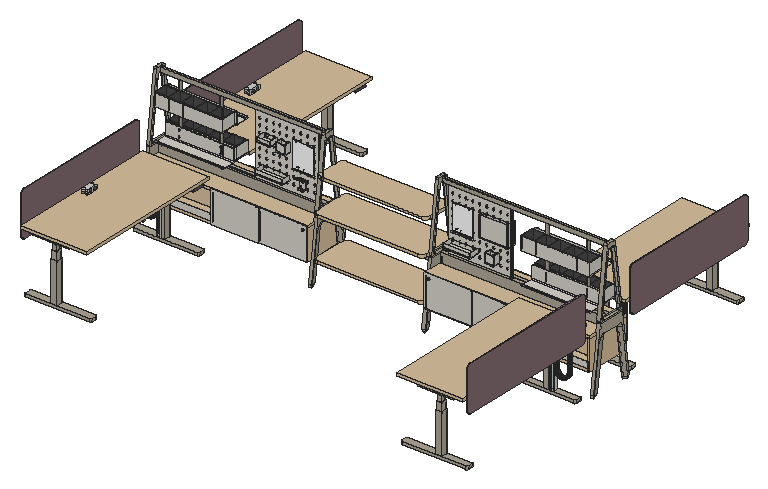
Revit family "Layout-Teknion-Expansion_Cityline_Upper_Structure_01-R2021", category Furniture Systems, Revit 2021 (continued)
Definition of nested family "Electrical-Teknion-JNEPC_Power_Cube-R2015"
  Forms (in)
    Blend 2, solid, material <- "Power Cube - Case and Front Finish", visible <- "Has Power Cube Above Worksurface"
      base sketch origin (2.5, -1.17126, 48) x (1, 0, 0) y (0, 0, 1)
        loop
          arc (-5.90762, -46) -> (-6.17182, -46.10943) -> (-6.28125, -46.37363) r 0.37363
          line (-6.28125, -46.37363) -> (-6.28125, -47.62586)
          arc (-6.28125, -47.62586) -> (-6.17167, -47.89042) -> (-5.90711, -48) r 0.37414
          line (-5.90711, -48) -> (0.90723, -48)
          arc (0.90723, -48) -> (1.1717, -47.89045) -> (1.28125, -47.62598) r 0.37402
      top sketch origin (2.43454, 1.25, 48) x (1, 0, 0) y (0, 0, 1)
        loop
          line (-5.84177, -48) -> (0.9727, -48)
          arc (0.9727, -48) -> (1.19416, -47.86842) -> (1.28125, -47.62598) r 0.38096
          line (1.28125, -47.62598) -> (1.28125, -46.50504)
          arc (1.28125, -46.50504) -> (1.1717, -46.24057) -> (0.90723, -46.13102) r 0.37402
          line (0.90723, -46.13102) -> (-5.77669, -46.13102)
          arc (-5.77669, -46.13102) -> (-6.04089, -46.24045) -> (-6.15032, -46.50465) r 0.37363
          line (-6.15032, -46.50465) -> (-6.15032, -47.62598)
          arc (-6.15032, -47.62598) -> (-6.06323, -47.86842) -> (-5.84177, -48) r 0.38096
      from 0 to 0
    Extrusion 3, solid, visible <- "Has Power Cube Above Worksurface"
      sketch origin (2.47046, -1.17126, 48) x (1, 0, 0) y (0, 0, 1)
        loop
          line (-2.86139, -46.4748) -> (-3.83304, -46.4748)
          arc (-3.83304, -46.4748) -> (-3.86088, -46.48633) -> (-3.87241, -46.51417) r 0.03937
          line (-3.87241, -46.51417) -> (-3.87241, -47.48583)
          arc (-3.87241, -47.48583) -> (-3.86088, -47.51367) -> (-3.83304, -47.5252) r 0.03937
          line (-3.83304, -47.5252) -> (-2.86139, -47.5252)
          arc (-2.86139, -47.5252) -> (-2.83355, -47.51367) -> (-2.82202, -47.48583) r 0.03937
          line (-2.82202, -47.48583) -> (-2.82202, -46.51417)
          arc (-2.82202, -46.51417) -> (-2.83355, -46.48633) -> (-2.86139, -46.4748) r 0.03937
      from 0 to 0.07874
    Extrusion 4, solid, visible <- "Has Power Cube Above Worksurface"
      sketch origin (2.52954, -1.17126, 48) x (1, 0, 0) y (0, 0, 1)
        loop
          line (0.58734, -46.4748) -> (-0.38432, -46.4748)
          arc (-0.38432, -46.4748) -> (-0.41216, -46.48633) -> (-0.42369, -46.51417) r 0.03937
          line (-0.42369, -46.51417) -> (-0.42369, -47.48583)
          arc (-0.42369, -47.48583) -> (-0.41216, -47.51367) -> (-0.38432, -47.5252) r 0.03937
          line (-0.38432, -47.5252) -> (0.58734, -47.5252)
          arc (0.58734, -47.5252) -> (0.61518, -47.51367) -> (0.62671, -47.48583) r 0.03937
          line (0.62671, -47.48583) -> (0.62671, -46.51417)
          arc (0.62671, -46.51417) -> (0.61518, -46.48633) -> (0.58734, -46.4748) r 0.03937
      from 0 to 0.07874
    Extrusion 5, void
      sketch origin (4.07571, -1.25, 48) x (-1, 0, 0) y (0, 0, 1)
        loop
          line (5.22849, -46.62047) -> (5.15763, -46.62047) -> (5.15763, -46.95906) -> (5.22849, -46.95906) -> (5.22849, -46.62047)
        loop
          line (4.74818, -46.65197) -> (4.67731, -46.65197) -> (4.67731, -46.92756) -> (4.74818, -46.92756) -> (4.74818, -46.65197)
        loop
          line (5.04936, -47.34409) -> (5.04936, -47.22795)
          arc (5.04936, -47.22795) -> (4.9529, -47.1315) -> (4.85645, -47.22795) r 0.09646
          line (4.85645, -47.22795) -> (4.85645, -47.34409) -> (5.04936, -47.34409)
      from -0.75 to 0.09375
    Extrusion 6, void
      sketch origin (-2.47046, -1.25, 48) x (1, 0, 0) y (0, 0, -1)
        loop
          line (5.37719, 46.62047) -> (5.37719, 46.95906) -> (5.30633, 46.95906) -> (5.30633, 46.62047) -> (5.37719, 46.62047)
        loop
          line (4.89688, 46.65197) -> (4.89688, 46.92756) -> (4.82601, 46.92756) -> (4.82601, 46.65197) -> (4.89688, 46.65197)
        loop
          line (5.19806, 47.34409) -> (5.00515, 47.34409) -> (5.00515, 47.22795)
          arc (5.00515, 47.22795) -> (5.1016, 47.1315) -> (5.19806, 47.22795) r 0.09646
          line (5.19806, 47.22795) -> (5.19806, 47.34409)
      from -0.75 to -0.1875
    Extrusion 7, void
      sketch origin (-1.4177, -2, 48) x (1, 0, 0) y (0, 0, 1)
        loop
          line (3.73909, -47.35443) -> (3.93609, -47.35443) -> (3.93609, -46.65948) -> (3.73909, -46.65948) -> (3.73909, -47.35443)
        loop
          line (4.16109, -47.35443) -> (4.35809, -47.35443) -> (4.35809, -46.65948) -> (4.16109, -46.65948) -> (4.16109, -47.35443)
      from 0 to -0.84375
    Extrusion 8, solid, visible <- "Has Quad - 2 Power/2 USB/1 Data"
      sketch origin (4.22441, -1.17126, 47.99887) x (1, 0, 0) y (0, 0, 1)
        loop
          line (-2.86139, -46.4748) -> (-3.83304, -46.4748)
          arc (-3.83304, -46.4748) -> (-3.86088, -46.48633) -> (-3.87241, -46.51417) r 0.03937
          line (-3.87241, -46.51417) -> (-3.87241, -47.48583)
          arc (-3.87241, -47.48583) -> (-3.86088, -47.51367) -> (-3.83304, -47.5252) r 0.03937
          line (-3.83304, -47.5252) -> (-2.86139, -47.5252)
          arc (-2.86139, -47.5252) -> (-2.83355, -47.51367) -> (-2.82202, -47.48583) r 0.03937
          line (-2.82202, -47.48583) -> (-2.82202, -46.51417)
          arc (-2.82202, -46.51417) -> (-2.83355, -46.48633) -> (-2.86139, -46.4748) r 0.03937
      from 0 to 0.07874
    Extrusion 9, void
      sketch origin (5.82966, -1.25, 47.99887) x (-1, 0, 0) y (0, 0, 1)
        loop
          line (5.22849, -46.62047) -> (5.15763, -46.62047) -> (5.15763, -46.95906) -> (5.22849, -46.95906) -> (5.22849, -46.62047)
        loop
          line (4.74818, -46.65197) -> (4.67731, -46.65197) -> (4.67731, -46.92756) -> (4.74818, -46.92756) -> (4.74818, -46.65197)
        loop
          line (5.04936, -47.34409) -> (5.04936, -47.22795)
          arc (5.04936, -47.22795) -> (4.9529, -47.1315) -> (4.85645, -47.22795) r 0.09646
          line (4.85645, -47.22795) -> (4.85645, -47.34409) -> (5.04936, -47.34409)
      from -0.75 to 1.25
    Extrusion 10, solid, visible <- "Has Quad - 2 Power/2 USB/1 Data"
      sketch origin (0.716, -1.17126, 47.99887) x (1, 0, 0) y (0, 0, 1)
        loop
          line (-2.86139, -46.4748) -> (-3.83304, -46.4748)
          arc (-3.83304, -46.4748) -> (-3.86088, -46.48633) -> (-3.87241, -46.51417) r 0.03937
          line (-3.87241, -46.51417) -> (-3.87241, -47.48583)
          arc (-3.87241, -47.48583) -> (-3.86088, -47.51367) -> (-3.83304, -47.5252) r 0.03937
          line (-3.83304, -47.5252) -> (-2.86139, -47.5252)
          arc (-2.86139, -47.5252) -> (-2.83355, -47.51367) -> (-2.82202, -47.48583) r 0.03937
          line (-2.82202, -47.48583) -> (-2.82202, -46.51417)
          arc (-2.82202, -46.51417) -> (-2.83355, -46.48633) -> (-2.86139, -46.4748) r 0.03937
      from 0 to 0.07874
    Extrusion 11, void
      sketch origin (-3.58522, -0.75, 48) x (1, 0, 0) y (0, 0, 1)
        loop
          line (0.5605, -46.69873) -> (0.5605, -47.28892) -> (0.85045, -47.28892) -> (0.85045, -47.34385) -> (1.05755, -47.34385) -> (1.05755, -47.28892) -> (1.3475, -47.28892) -> (1.3475, -46.69873) -> (0.5605, -46.69873)
      from -0.75 to 1.25
  Cuts and joins
    Extrusion 5, Extrusion 9 cuts Extrusion 3
    Extrusion 6, Extrusion 7 cuts Extrusion 4
    Extrusion 11 cuts Extrusion 10
    Extrusion 9 cuts Extrusion 8
  Lines and regions (in)
    symbolic lines, visible <- "Has Power Cube Below Worksurface"
      curve 1: line (-3.27534, 2.5, -1.1875) -> (-3.40723, 2.5, -1.1875)
    symbolic lines, visible <- "Has Power Cube Below Worksurface", detail levels medium+fine
      curve 2: line (-3.77912, 0.15748, -1.1875) -> (-3.78125, 0.07874, -1.1875)
      curve 3: line (3.78125, 0.07874, -1.1875) -> (3.77912, 0.15748, -1.1875)
    symbolic lines, visible <- "Has Power Cube Above Worksurface"
      curve 4: line (-3.71579, 1.25, -1.1875) -> (3.71579, 1.25, -1.1875)
      curve 5: line (3.78125, -1.17126, -1.1875) -> (3.71579, 1.25, -1.1875)
      curve 6: line (3.78125, -1.17126, -1.1875) -> (-3.78125, -1.17126, -1.1875)
      curve 7: line (-3.78125, -1.17126, -1.1875) -> (-3.71579, 1.25, -1.1875)
    symbolic lines, detail levels medium+fine
      curve 8: line (-3.40711, -1.17126, -1.1875) -> (-3.40723, 1.25, -1.1875)
      curve 9: line (3.40723, 1.25, -1.1875) -> (3.40723, -1.17126, -1.1875)
  Dimensions and locks (in)
    locked: plane 6 to plane 2 at 2
    locked: plane 7 to plane 1 "Center (Front/Back)" at 1.17126
    locked: plane 1 "Center (Front/Back)" to plane 8 at 1.25
    locked: plane 1 "Center (Front/Back)" to plane 9 at 2.5
    Extrusion 3 sketch curve to Extrusion 3 sketch curve to Extrusion 3 sketch curve to Extrusion 3 sketch curve to Extrusion 3 sketch curve to Extrusion 3 sketch curve = 0.03937" locked, 0.000" locked, 0.97165" locked, 0.000" locked, 0.03937" locked
    locked: plane 10 to plane 13 "Power Hole Depth (Above Worksurface)" at 0.75
    "Left Power Hole Depth": Extrusion 5 to plane 13 "Power Hole Depth (Above Worksurface)"
    "Right Power Hole Depth": Extrusion 6 to plane 13 "Power Hole Depth (Above Worksurface)"
    Blend 2 sketch curve to Blend 2 sketch curve to Blend 2 sketch curve to Blend 2 sketch curve to plane 6 = 0.000" locked, 1.12095" locked, 0.00038" locked, 0.50465" locked
    plane 6 to Blend 2 sketch curve to Blend 2 sketch curve to Blend 2 sketch curve to Blend 2 sketch curve = 0.37363" locked, 0.000" locked, 1.25222" locked, 0.00013" locked
    Extrusion 5 sketch curve to Extrusion 5 sketch curve to Extrusion 5 sketch curve to Extrusion 5 sketch curve to Extrusion 5 sketch curve to Extrusion 5 sketch curve to plane 2 = 0.0315" locked, 0.27559" locked, 0.0315" locked, 0.2689" locked, 0.11614" locked, 0.65591" locked
    Extrusion 5 sketch curve to Extrusion 5 sketch curve to Extrusion 5 sketch curve to Extrusion 5 sketch curve to Extrusion 5 sketch curve to Extrusion 5 sketch curve to Extrusion 5 sketch curve to plane 18 = 0.07087" locked, 0.10827" locked, 0.09646" locked, 0.09646" locked, 0.10827" locked, 0.07087" locked, 0.25004" locked
    plane 19 to Extrusion 7 sketch curve to Extrusion 7 sketch curve to Extrusion 7 sketch curve to Extrusion 7 sketch curve = 0.21587" locked, 0.197" locked, 0.225" locked, 0.197" locked
    plane 6 to Extrusion 7 sketch curve to Extrusion 7 sketch curve to Extrusion 7 sketch curve to Extrusion 7 sketch curve = 0.65948" locked, 0.000" locked, 0.69494" locked, 0.000" locked
    "Right Power/USB Charger": Extrusion 7 to plane 13 "Power Hole Depth (Above Worksurface)"
    plane 14 to plane 1 "Center (Front/Back)" = 0.750"
    locked: plane 1 "Center (Front/Back)" to plane 17 at 0.07874
    plane 4 "B/O Worksurface" to plane 16 to plane 15 to plane 5 = 0.1063" locked, 1.12598" locked, 2.000" locked
    "Worksurface Thickness": plane 2 to plane 4 "B/O Worksurface"
    plane 11 to Blend 2 sketch curve to Blend 2 sketch curve to Blend 2 sketch curve = 0.06546" locked, 0.37363" locked, 0.00733" locked
    plane 12 to Blend 2 sketch curve to Blend 2 sketch curve to Blend 2 sketch curve = 0.06546" locked, 0.37402" locked, 0.00694" locked
    plane 12 to Blend 2 sketch curve to Blend 2 sketch curve = 0.37363" locked, 0.00038" locked
    plane 11 to Blend 2 sketch curve to Blend 2 sketch curve = 0.37363" locked, 0.00051" locked
    equal spacing: plane 11, plane 3 "Center (Left/Right)", plane 12
    "Width": plane 11 to plane 12
    Extrusion 4 sketch curve to Extrusion 4 sketch curve to Extrusion 4 sketch curve to Extrusion 4 sketch curve to Extrusion 4 sketch curve to Extrusion 4 sketch curve = 0.03937" locked, 0.000" locked, 0.97165" locked, 0.000" locked, 0.03937" locked
    plane 6 to Extrusion 4 sketch curve to Extrusion 4 sketch curve = 0.4748" locked, 1.05039" locked
    "Left Offset": plane 3 "Center (Left/Right)" to plane 18
    Extrusion 6 sketch curve to Extrusion 6 sketch curve to Extrusion 6 sketch curve to Extrusion 6 sketch curve to Extrusion 6 sketch curve to Extrusion 6 sketch curve to Extrusion 6 sketch curve to plane 19 = 0.07087" locked, 0.10827" locked, 0.09646" locked, 0.09646" locked, 0.10827" locked, 0.07087" locked, 0.24951" locked
    plane 6 to Extrusion 6 sketch curve to Extrusion 6 sketch curve to Extrusion 6 sketch curve to Extrusion 6 sketch curve to Extrusion 6 sketch curve to Extrusion 6 sketch curve = 0.62047" locked, 0.0315" locked, 0.27559" locked, 0.0315" locked, 0.2689" locked, 0.11614" locked
    "Right Offset": plane 19 to plane 12
    Extrusion 8 sketch curve to Extrusion 8 sketch curve to Extrusion 8 sketch curve to Extrusion 8 sketch curve to Extrusion 8 sketch curve to Extrusion 8 sketch curve = 0.03937" locked, 0.000" locked, 0.97165" locked, 0.000" locked, 0.03937" locked
    Extrusion 9 sketch curve to Extrusion 9 sketch curve to Extrusion 9 sketch curve to Extrusion 9 sketch curve to Extrusion 9 sketch curve to Extrusion 9 sketch curve = 0.0315" locked, 0.27559" locked, 0.0315" locked, 0.2689" locked, 0.11614" locked
    Extrusion 9 sketch curve to Extrusion 9 sketch curve to Extrusion 9 sketch curve to Extrusion 9 sketch curve to Extrusion 9 sketch curve to Extrusion 9 sketch curve to Extrusion 9 sketch curve = 0.07087" locked, 0.10827" locked, 0.09646" locked, 0.09646" locked, 0.10827" locked, 0.07087" locked
    plane 11 to Extrusion 10 sketch curve to Extrusion 10 sketch curve to Extrusion 10 sketch curve to Extrusion 10 sketch curve to Extrusion 10 sketch curve to Extrusion 10 sketch curve = 0.62483" locked, 0.03937" locked, 0.000" locked, 0.97165" locked, 0.000" locked, 0.03937" locked
    plane 6 to Extrusion 10 sketch curve to Extrusion 10 sketch curve to Extrusion 10 sketch curve to Extrusion 10 sketch curve to Extrusion 10 sketch curve to Extrusion 10 sketch curve = 0.47594" locked, 0.03937" locked, 0.000" locked, 0.97165" locked, 0.000" locked, 0.03937" locked
    plane 11 to Extrusion 11 sketch curve to Extrusion 11 sketch curve to Extrusion 11 sketch curve to Extrusion 11 sketch curve = 0.75653" locked, 0.28995" locked, 0.2071" locked, 0.28995" locked
    plane 6 to Extrusion 11 sketch curve to Extrusion 11 sketch curve to Extrusion 11 sketch curve to Extrusion 11 sketch curve = 0.69873" locked, 0.59019" locked, 0.000" locked, 0.05492" locked
    "Data Hole Depth": Extrusion 11 to plane 13 "Power Hole Depth (Above Worksurface)"
    "Right Power Hole - Quad Depth": Extrusion 9 to plane 13 "Power Hole Depth (Above Worksurface)"
    aligned and locked: plane 2 to Extrusion 1
    aligned and locked: level to Extrusion 1
    aligned and locked: plane 6 to Blend 2 sketch curve
    aligned and locked: plane 2 to Blend 2 sketch curve
    aligned and locked: Blend 2 to plane 8
    aligned and locked: plane 7 to Blend 2
    aligned and locked: plane 10 to Extrusion 4
    aligned and locked: plane 10 to Extrusion 3
    aligned and locked: plane 13 "Power Hole Depth (Above Worksurface)" to Extrusion 6
    aligned and locked: Extrusion 7 to plane 13 "Power Hole Depth (Above Worksurface)"  (x3)
    aligned and locked: Extrusion 5 to plane 13 "Power Hole Depth (Above Worksurface)"
    aligned and locked: curve 5 to Blend 2
    aligned and locked: curve 6 to Blend 2
    aligned and locked: curve 7 to Blend 2
    aligned and locked: plane 8 to curve 4
    aligned and locked: plane 11 to Blend 2 sketch curve
    aligned and locked: plane 18 to Extrusion 3 sketch curve
    aligned and locked: Extrusion 4 sketch curve to plane 19
    aligned and locked: Extrusion 11 to plane 13 "Power Hole Depth (Above Worksurface)"
    aligned and locked: curve 8 to Blend 2
    aligned and locked: curve 9 to Blend 2
  Automatic sketch dimensions
    Extrusion 1 sketch curve to Extrusion 1 sketch curve = 96.000"  (x2)
    Blend 2 sketch curve to level = 0.000"
    level to Extrusion 3 sketch curve = 0.4748"
    Extrusion 3 sketch curve to plane 6 = 0.51417"
    plane 3 "Center (Left/Right)" to Extrusion 8 sketch curve = 0.352"
    level to Extrusion 8 sketch curve = 0.47367"
    Extrusion 8 sketch curve to plane 6 = 0.51531"
    plane 3 "Center (Left/Right)" to Extrusion 9 sketch curve = 1.15235"
    level to Extrusion 9 sketch curve = 0.65477"
    curve 2 to plane 11 = 0.000"
    plane 17 to curve 2 = 0.000"
    curve 3 to plane 12 = 0.000"
    plane 17 to curve 3 = 0.000"
    plane 9 to curve 1 = 0.000"
    curve 2 to plane 11 = 0.00213"
    curve 2 to plane 17 = 0.07874"
    curve 3 to plane 12 = 0.00213"
    curve 3 to plane 17 = 0.07874"
    curve 1 to plane 11 = 0.50591"
    curve 1 to curve 1 = 0.13189"
  Connectors (in)
    electrical at (0.00003, 0.03937, 0), driven by "Voltage", driven by "Apparent Load", driven by "Connector Descriptor"
      settings: on Blend 2, index 1, voltage 120 V, apparent load 0 VA, apparent load phase1 0 VA, apparent load phase2 0 VA, apparent load phase3 0 VA, power factor 1, load classification none, number of poles 1, system type 31, power factor state 1, is connector primary yes, connector utility no, sub classification motor no, connector description "Power Connector"
Definition of nested family "Electrical-Teknion-JNHEA_Vertical_Wire_Carrier-R2021"
  Parameters (values of type "hiSpace - Standard Range (22.6" - 48.7")")
    hiSpace - with Riser (25" - 51.1") = no
    hiSpace - Standard Range (22.6" - 48.7") = yes
    Wire Carrier Finish [instance] = none
    Wire Carrier Distance = 1.165"
    Warranty = "http://www.teknion.com/ca/papers/legal-canada"
    Navigate Freestanding = no
    Leg Cover Finish [instance] = none
    Cut-Out - 3 = if([2D - Navigate Freestanding], 5.500", 0.050")  # 0.050"
    Cut-Out - 2 = if([2D - Navigate Freestanding], 0.500", 0.050")  # 0.050"
    Unit Weight URL = "http://www.teknion.com/ca/tools/assets#&asset=bee6a381-b954-425e-8283-5a2de3a804f2,f828d448-4b62-4231-9e5f-9a8991c0ed77"
    URL = "www.teknion.com"
    To render please download texture images found here [instance] = "https://assets.teknion.com/web/5e81352c1dfdb467/revit-material-swatches/"
    Sustainability Data = "https://www.teknion.com/ca/tools/assets#&topic=216f99a5-57a0-44fc-b10a-9dee9b29ae4c&asset=444deb64-fe58-4b68-981e-f75e97781df7,b4ff2d81-9f2e-437d-9659-7cffb09c31cf"
    Series = "Expansion Cityline"  # constant formula
    Product Page URL = "https://www.teknion.com/ca/products/product-details?productLineId=9ad2a26e-8e7a-673b-a6c8-ff05004460c4"
    Product Line = "Height-Adjustability"  # constant formula
    Product Documentation Link = "https://www.teknion.com/pricing/expansion-cityline/pdfs/JNHEA_ppg.pdf"
    Part Number = "JNHEA"  # constant formula
    2D - Navigate Freestanding = Navigate Freestanding  # no
    Model = "JNHEAHE"
    Manufacturer Phone = "416-661-3370"  # constant formula
    Manufacturer Fax = "416.661.4586"  # constant formula
    Manufacturer Contact Information = "http://www.teknion.com/ca/contactus"
    Manufacturer Address = "1150 Flint Road, Toronto, ON. M3J 2J5. Canada"  # constant formula
    Manufacturer = "Teknion"  # constant formula
    How To Use Teknion Materials User Guide [instance] = "https://assets.teknion.com/m/205dd0a49fa58060/original/How-to-add-a-Material-Library-and-Texture-Images-to-your-Revit-project.pdf"
    2D - HE/HU = or([hiSpace - Standard Range (22.6" - 48.7")], [hiSpace - with Riser (25" - 51.1")])  # yes
    For Additional Finishes please visit [instance] = "https://assets.teknion.com/m/44a8009b046e5d47/original/Teknion_Materials_Library.zip"
    Description = "Vertical Wire Carrier - hiSpace - Standard Range (22.6\" - 48.7\") Style"
    Depth = 2.81102"
    Default Elevation = 0.000"
    Cut-Out - 1 = if([2D - Navigate Freestanding], 16.500", 0.050")  # 0.050"
    Cover Height = 16.02362"
    Bottom Gap = 1.46457"
    Assembly Code = "E2020200"
  Types (4): name | hiSpace - with Riser (25" - 51.1") | hiSpace - Standard Range (22.6" - 48.7") | Wire Carrier Distance | Navigate Freestanding | Cut-Out - 3 | Cut-Out - 2 | 2D - Navigate Freestanding | Model | 2D - HE/HU | Description | Depth | Cut-Out - 1 | Cover Height | Bottom Gap
    (no name) | no | yes | 1.165" | no | 0.050" | 0.050" | no | "JNHEAHE" | yes | "Vertical Wire Carrier - hiSpace - Standard Range (22.6\" - 48.7\") Style" | 2.81102" | 0.050" | 16.02362" | 1.46457"
    hiSpace - Standard Range (22.6" - 48.7") | no | yes | 1.165" | no | 0.050" | 0.050" | no | "JNHEAHE" | yes | "Vertical Wire Carrier - hiSpace - Standard Range (22.6\" - 48.7\") Style" | 2.81102" | 0.050" | 16.02362" | 1.46457"
    Navigate Freestanding | no | no | 0.779" | yes | 5.500" | 0.500" | yes | "JNHEANF" | no | "Vertical Wire Carrier - Navigate Freestanding Style" | 2.457" | 16.500" | 16.220" | 1.654"
    hiSpace - with Riser (25" - 51.1") | yes | no | 1.165" | no | 0.050" | 0.050" | no | "JNHEAHU" | yes | "Vertical Wire Carrier - hiSpace - with Riser (25\" - 51.1\") Style" | 2.81102" | 0.050" | 16.02362" | 1.46457"
  Reference planes (in)
    plane 1 "Center Front/Back": y = 5.09055
    plane 2: z = 0
    plane 3 "Center Left/Right": x = 0
    plane 4 "Left": x = -1.40551
    plane 5 "Right": x = 1.40551
    plane 6 "Back": y = 9.5
    plane 7 "Front": y = 0.6811
    plane 8 "Top": z = 27.81102
    plane 9: z = 1.46457
    plane 10: z = 17.48819
    plane 11: z = 26.64602
  Forms (in)
    Sweep 1, solid, material <- "Leg Cover Finish"
      path origin (0, 5.09055, 0) x (1, 0, 0) y (0, 0, 1)
        loop
          line (0, 17.48819) -> (0, 1.46457)
      profile origin (0, 5.09055, 9.47638) x (0, -1, 0) y (1, 0, 0)
        loop
          line (3.12205, 0.70276) -> (3.12205, 1.35827) -> (4.40945, 1.35827) -> (4.40945, 1.40551) -> (3.0748, 1.40551) -> (3.0748, 0.75) -> (2.28622, 0.75) -> (2.28622, -0.75) -> (3.0748, -0.75) -> (3.0748, -1.40551) -> (4.40945, -1.40551) -> (4.40945, -1.35827) -> (3.12205, -1.35827) -> (3.12205, -0.70276) -> (2.33346, -0.70276) -> (2.33346, 0.70276) -> (3.12205, 0.70276)
    Sweep 2, void
      path origin (0, 0, 0) x (1, 0, 0) y (0, 1, 0)
        loop
          line (1.40551, 5.09055) -> (-1.40551, 5.09055)
      profile origin (0, 5.09055, 0) x (0, -1, 0) y (0, 0, 1)
        loop
          line (3.23228, 1.46457) -> (3.23228, 2.46457) -> (2.87913, 2.46457)
          arc (2.87913, 2.46457) -> (2.68426, 2.38385) -> (2.60354, 2.18898) r 0.27559
          line (2.60354, 2.18898) -> (2.60354, 1.46457) -> (3.23228, 1.46457)
    Sweep 3, void
      path origin (0, 0, 0) x (1, 0, 0) y (0, 1, 0)
        loop
          line (0, 2.80433) -> (0, 1.80433)
      profile origin (0, 2.30433, 0) x (1, 0, 0) y (0, 0, 1)
        loop
          line (-0.37402, 15.99213) -> (0.37402, 15.99213)
          arc (0.37402, 15.99213) -> (0.45753, 16.02672) -> (0.49213, 16.11024) r 0.11811
          line (0.49213, 16.11024) -> (0.49213, 17.48819) -> (-0.49213, 17.48819) -> (-0.49213, 16.11024)
          arc (-0.49213, 16.11024) -> (-0.45753, 16.02672) -> (-0.37402, 15.99213) r 0.11811
    Sweep 4, solid, material <- "Wire Carrier Finish"
      path origin (0, 0, 0) x (1, 0, 0) y (0, 1, 0)
        loop
          line (0.75, 5.09055) -> (-0.75, 5.09055)
      profile origin (0, 5.09055, 0) x (0, -1, 0) y (0, 0, 1)
        loop
          line (-3.37795, 26.64602) -> (-4.1378, 26.64602) -> (-4.1378, 26.56728) -> (-3.37795, 26.56728) -> (-3.37795, 26.64602)
        loop
          line (-4.1378, 25.88618) -> (-4.1378, 25.80744) -> (-3.37795, 25.80744) -> (-3.37795, 25.88618) -> (-4.1378, 25.88618)
        loop
          line (-4.1378, 25.12634) -> (-4.1378, 25.0476) -> (-3.37795, 25.0476) -> (-3.37795, 25.12634) -> (-4.1378, 25.12634)
        loop
          line (-4.1378, 24.3665) -> (-4.1378, 24.28776) -> (-3.37795, 24.28776) -> (-3.37795, 24.3665) -> (-4.1378, 24.3665)
        loop
          line (-4.1378, 23.60665) -> (-4.1378, 23.52791) -> (-3.37795, 23.52791) -> (-3.37795, 23.60665) -> (-4.1378, 23.60665)
        loop
          line (-4.1378, 22.84681) -> (-4.1378, 22.76807) -> (-3.37795, 22.76807) -> (-3.37795, 22.84681) -> (-4.1378, 22.84681)
        loop
          line (-4.1378, 22.08697) -> (-4.1378, 22.00823) -> (-3.37795, 22.00823) -> (-3.37795, 22.08697) -> (-4.1378, 22.08697)
        loop
          line (-4.1378, 21.32713) -> (-4.1378, 21.24839) -> (-3.37795, 21.24839) -> (-3.37795, 21.32713) -> (-4.1378, 21.32713)
        loop
          line (-4.1378, 20.56728) -> (-4.1378, 20.48854) -> (-3.37795, 20.48854) -> (-3.37795, 20.56728) -> (-4.1378, 20.56728)
        loop
          line (-4.1378, 19.80744) -> (-4.1378, 19.7287) -> (-3.37795, 19.7287) -> (-3.37795, 19.80744) -> (-4.1378, 19.80744)
        loop
          line (-4.1378, 19.0476) -> (-4.1378, 18.96886) -> (-3.37795, 18.96886) -> (-3.37795, 19.0476) -> (-4.1378, 19.0476)
        loop
          line (-4.1378, 18.28776) -> (-4.1378, 18.20902) -> (-3.37795, 18.20902) -> (-3.37795, 18.28776) -> (-4.1378, 18.28776)
        loop
          line (-4.1378, 17.52791) -> (-4.1378, 17.44917) -> (-3.37795, 17.44917) -> (-3.37795, 17.52791) -> (-4.1378, 17.52791)
        loop
          line (-4.1378, 16.76807) -> (-4.1378, 16.68933) -> (-3.37795, 16.68933) -> (-3.37795, 16.76807) -> (-4.1378, 16.76807)
        loop
          line (-4.1378, 16.00823) -> (-4.1378, 15.92949) -> (-3.37795, 15.92949) -> (-3.37795, 16.00823) -> (-4.1378, 16.00823)
        loop
          line (-4.1378, 15.24839) -> (-4.1378, 15.16965) -> (-3.37795, 15.16965) -> (-3.37795, 15.24839) -> (-4.1378, 15.24839)
        loop
          line (-4.1378, 14.48854) -> (-4.1378, 14.4098) -> (-3.37795, 14.4098) -> (-3.37795, 14.48854) -> (-4.1378, 14.48854)
        loop
          line (-4.1378, 13.7287) -> (-4.1378, 13.64996) -> (-3.37795, 13.64996) -> (-3.37795, 13.7287) -> (-4.1378, 13.7287)
        loop
          line (-4.1378, 12.96886) -> (-4.1378, 12.89012) -> (-3.37795, 12.89012) -> (-3.37795, 12.96886) -> (-4.1378, 12.96886)
        loop
          line (-4.1378, 12.20902) -> (-4.1378, 12.13028) -> (-3.37795, 12.13028) -> (-3.37795, 12.20902) -> (-4.1378, 12.20902)
        loop
          line (-4.1378, 11.44917) -> (-4.1378, 11.37043) -> (-3.37795, 11.37043) -> (-3.37795, 11.44917) -> (-4.1378, 11.44917)
        loop
          line (-4.1378, 10.68933) -> (-4.1378, 10.61059) -> (-3.37795, 10.61059) -> (-3.37795, 10.68933) -> (-4.1378, 10.68933)
        loop
          line (-4.10248, 9.89718) -> (-4.09547, 9.81876) -> (-3.33864, 9.88638) -> (-3.34565, 9.96481) -> (-4.10248, 9.89718)
        loop
          line (-3.91349, 9.06386) -> (-3.88598, 8.99009) -> (-3.17402, 9.25557) -> (-3.20153, 9.32934) -> (-3.91349, 9.06386)
        loop
          line (-3.50804, 8.30983) -> (-3.46167, 8.24619) -> (-2.8476, 8.69372) -> (-2.89397, 8.75736) -> (-3.50804, 8.30983)
        loop
          line (-2.91439, 7.69296) -> (-2.85258, 7.64418) -> (-2.38183, 8.24063) -> (-2.44364, 8.28942) -> (-2.91439, 7.69296)
        loop
          line (-2.17645, 7.2589) -> (-2.10378, 7.22858) -> (-1.8112, 7.92983) -> (-1.88387, 7.96015) -> (-2.17645, 7.2589)
        loop
          line (-1.34884, 7.03976) -> (-1.27069, 7.03015) -> (-1.17792, 7.78431) -> (-1.25607, 7.79392) -> (-1.34884, 7.03976)
        loop
          line (-0.52885, 7.81484) -> (-0.6067, 7.80303) -> (-0.4928, 7.05178) -> (-0.41495, 7.06358) -> (-0.52885, 7.81484)
        loop
          line (0.32834, 7.29404) -> (0.40013, 7.32639) -> (0.08798, 8.01916) -> (0.01619, 7.98681) -> (0.32834, 7.29404)
        loop
          line (1.0538, 7.74864) -> (1.11422, 7.79913) -> (0.62693, 8.38215) -> (0.56651, 8.33165) -> (1.0538, 7.74864)
        loop
          line (1.62992, 8.38192) -> (1.67449, 8.44683) -> (1.0481, 8.87695) -> (1.00353, 8.81204) -> (1.62992, 8.38192)
        loop
          line (2.01405, 9.14704) -> (2.03948, 9.22156) -> (1.32035, 9.46696) -> (1.29492, 9.39244) -> (2.01405, 9.14704)
        loop
          line (1.42353, 10.1085) -> (1.41912, 10.02989) -> (2.17777, 9.98736) -> (2.18218, 10.06598) -> (1.42353, 10.1085)
        loop
          line (2.20412, 10.76333) -> (2.20505, 10.84206) -> (1.44527, 10.8511) -> (1.44433, 10.77236) -> (2.20412, 10.76333)
        loop
          line (1.44882, 11.6064) -> (1.44882, 11.52766) -> (2.20866, 11.52766) -> (2.20866, 11.6064) -> (1.44882, 11.6064)
        loop
          line (1.44882, 12.36624) -> (1.44882, 12.2875) -> (2.20866, 12.2875) -> (2.20866, 12.36624) -> (1.44882, 12.36624)
        loop
          line (1.44882, 13.12609) -> (1.44882, 13.04735) -> (2.20866, 13.04735) -> (2.20866, 13.12609) -> (1.44882, 13.12609)
        loop
          line (1.44882, 13.88593) -> (1.44882, 13.80719) -> (2.20866, 13.80719) -> (2.20866, 13.88593) -> (1.44882, 13.88593)
        loop
          line (1.44882, 14.64577) -> (1.44882, 14.56703) -> (2.20866, 14.56703) -> (2.20866, 14.64577) -> (1.44882, 14.64577)
        loop
          line (1.44882, 15.40561) -> (1.44882, 15.32687) -> (2.20866, 15.32687) -> (2.20866, 15.40561) -> (1.44882, 15.40561)
        loop
          line (1.44882, 16.16546) -> (1.44882, 16.08672) -> (2.20866, 16.08672) -> (2.20866, 16.16546) -> (1.44882, 16.16546)
        loop
          line (1.44882, 16.9253) -> (1.44882, 16.84656) -> (2.20866, 16.84656) -> (2.20866, 16.9253) -> (1.44882, 16.9253)
        loop
          line (-4.40945, 27.81102) -> (-4.40945, 27.73228) -> (-3.37795, 27.73228) -> (-3.37795, 27.81102) -> (-4.40945, 27.81102)
    Sweep 5, solid, material <- "Wire Carrier Finish"
      path origin (0, 0, 0) x (1, 0, 0) y (0, 1, 0)
        loop
          line (-0.75, 5.09055) -> (0.75, 5.09055)
      profile origin (0, 5.09055, 0) x (0, 1, 0) y (0, 0, 1)
        loop
          line (4.40945, 27.73228) -> (3.37795, 27.73228) -> (3.37795, 27.06299) -> (4.1378, 27.06299) -> (4.40945, 27.41732) -> (4.40945, 27.73228)
        loop
          line (4.1378, 26.56728) -> (3.37795, 26.56728) -> (3.37795, 26.2661)
          arc (3.37795, 26.2661) -> (3.75787, 25.88618) -> (4.1378, 26.2661) r 0.37992
          line (4.1378, 26.2661) -> (4.1378, 26.56728)
        loop
          line (4.1378, 25.80744) -> (3.37795, 25.80744) -> (3.37795, 25.50626)
          arc (3.37795, 25.50626) -> (3.75787, 25.12634) -> (4.1378, 25.50626) r 0.37992
          line (4.1378, 25.50626) -> (4.1378, 25.80744)
        loop
          line (4.1378, 25.0476) -> (3.37795, 25.0476) -> (3.37795, 24.74642)
          arc (3.37795, 24.74642) -> (3.75787, 24.3665) -> (4.1378, 24.74642) r 0.37992
          line (4.1378, 24.74642) -> (4.1378, 25.0476)
        loop
          line (4.1378, 24.28776) -> (3.37795, 24.28776) -> (3.37795, 23.98657)
          arc (3.37795, 23.98657) -> (3.75787, 23.60665) -> (4.1378, 23.98657) r 0.37992
          line (4.1378, 23.98657) -> (4.1378, 24.28776)
        loop
          line (4.1378, 23.52791) -> (3.37795, 23.52791) -> (3.37795, 23.22673)
          arc (3.37795, 23.22673) -> (3.75787, 22.84681) -> (4.1378, 23.22673) r 0.37992
          line (4.1378, 23.22673) -> (4.1378, 23.52791)
        loop
          line (4.1378, 22.76807) -> (3.37795, 22.76807) -> (3.37795, 22.46689)
          arc (3.37795, 22.46689) -> (3.75787, 22.08697) -> (4.1378, 22.46689) r 0.37992
          line (4.1378, 22.46689) -> (4.1378, 22.76807)
        loop
          line (4.1378, 22.00823) -> (3.37795, 22.00823) -> (3.37795, 21.70705)
          arc (3.37795, 21.70705) -> (3.75787, 21.32713) -> (4.1378, 21.70705) r 0.37992
          line (4.1378, 21.70705) -> (4.1378, 22.00823)
        loop
          line (4.1378, 21.24839) -> (3.37795, 21.24839) -> (3.37795, 20.9472)
          arc (3.37795, 20.9472) -> (3.75787, 20.56728) -> (4.1378, 20.9472) r 0.37992
          line (4.1378, 20.9472) -> (4.1378, 21.24839)
        loop
          line (4.1378, 20.48854) -> (3.37795, 20.48854) -> (3.37795, 20.18736)
          arc (3.37795, 20.18736) -> (3.75787, 19.80744) -> (4.1378, 20.18736) r 0.37992
          line (4.1378, 20.18736) -> (4.1378, 20.48854)
        loop
          line (4.1378, 19.7287) -> (3.37795, 19.7287) -> (3.37795, 19.42752)
          arc (3.37795, 19.42752) -> (3.75787, 19.0476) -> (4.1378, 19.42752) r 0.37992
          line (4.1378, 19.42752) -> (4.1378, 19.7287)
        loop
          line (4.1378, 18.96886) -> (3.37795, 18.96886) -> (3.37795, 18.66768)
          arc (3.37795, 18.66768) -> (3.75787, 18.28776) -> (4.1378, 18.66768) r 0.37992
          line (4.1378, 18.66768) -> (4.1378, 18.96886)
        loop
          line (4.1378, 18.20902) -> (3.37795, 18.20902) -> (3.37795, 17.90783)
          arc (3.37795, 17.90783) -> (3.75787, 17.52791) -> (4.1378, 17.90783) r 0.37992
          line (4.1378, 17.90783) -> (4.1378, 18.20902)
        loop
          line (4.1378, 17.44917) -> (3.37795, 17.44917) -> (3.37795, 17.14799)
          arc (3.37795, 17.14799) -> (3.75787, 16.76807) -> (4.1378, 17.14799) r 0.37992
          line (4.1378, 17.14799) -> (4.1378, 17.44917)
        loop
          line (4.1378, 16.68933) -> (3.37795, 16.68933) -> (3.37795, 16.38815)
          arc (3.37795, 16.38815) -> (3.75787, 16.00823) -> (4.1378, 16.38815) r 0.37992
          line (4.1378, 16.38815) -> (4.1378, 16.68933)
        loop
          line (4.1378, 15.92949) -> (3.37795, 15.92949) -> (3.37795, 15.62831)
          arc (3.37795, 15.62831) -> (3.75787, 15.24839) -> (4.1378, 15.62831) r 0.37992
          line (4.1378, 15.62831) -> (4.1378, 15.92949)
        loop
          line (4.1378, 15.16965) -> (3.37795, 15.16965) -> (3.37795, 14.86846)
          arc (3.37795, 14.86846) -> (3.75787, 14.48854) -> (4.1378, 14.86846) r 0.37992
          line (4.1378, 14.86846) -> (4.1378, 15.16965)
        loop
          line (4.1378, 14.4098) -> (3.37795, 14.4098) -> (3.37795, 14.10862)
          arc (3.37795, 14.10862) -> (3.75787, 13.7287) -> (4.1378, 14.10862) r 0.37992
          line (4.1378, 14.10862) -> (4.1378, 14.4098)
        loop
          line (4.1378, 13.64996) -> (3.37795, 13.64996) -> (3.37795, 13.34878)
          arc (3.37795, 13.34878) -> (3.75787, 12.96886) -> (4.1378, 13.34878) r 0.37992
          line (4.1378, 13.34878) -> (4.1378, 13.64996)
        loop
          line (4.1378, 12.89012) -> (3.37795, 12.89012) -> (3.37795, 12.58894)
          arc (3.37795, 12.58894) -> (3.75787, 12.20902) -> (4.1378, 12.58894) r 0.37992
          line (4.1378, 12.58894) -> (4.1378, 12.89012)
        loop
          line (4.1378, 12.13028) -> (3.37795, 12.13028) -> (3.37795, 11.82909)
          arc (3.37795, 11.82909) -> (3.75787, 11.44917) -> (4.1378, 11.82909) r 0.37992
          line (4.1378, 11.82909) -> (4.1378, 12.13028)
        loop
          line (4.1378, 11.37043) -> (3.37795, 11.37043) -> (3.37795, 11.06925)
          arc (3.37795, 11.06925) -> (3.75787, 10.68933) -> (4.1378, 11.06925) r 0.37992
          line (4.1378, 11.06925) -> (4.1378, 11.37043)
        loop
          line (4.1378, 10.61059) -> (3.37795, 10.61059) -> (3.37795, 10.30941)
          arc (3.37795, 10.30941) -> (3.75787, 9.92949) -> (4.1378, 10.30941) r 0.37992
          line (4.1378, 10.30941) -> (4.1378, 10.61059)
        loop
          line (4.09547, 9.81876) -> (3.33864, 9.88638) -> (3.31184, 9.58639)
          arc (3.31184, 9.58639) -> (3.65644, 9.17417) -> (4.06867, 9.51877) r 0.37992
          line (4.06867, 9.51877) -> (4.09547, 9.81876)
        loop
          arc (3.06879, 8.97337) -> (3.29203, 8.48465) -> (3.78075, 8.70789) r 0.37992
          line (3.78075, 8.70789) -> (3.88598, 8.99009) -> (3.17402, 9.25557) -> (3.06879, 8.97337)
        loop
          arc (2.67021, 8.45032) -> (2.75348, 7.91952) -> (3.28428, 8.00279) r 0.37992
          line (3.28428, 8.00279) -> (3.46167, 8.24619) -> (2.8476, 8.69372) -> (2.67021, 8.45032)
        loop
          arc (2.14541, 8.05404) -> (2.08256, 7.52044) -> (2.61616, 7.45759) r 0.37992
          line (2.61616, 7.45759) -> (2.85258, 7.64418) -> (2.38183, 8.24063) -> (2.14541, 8.05404)
        loop
          arc (1.53324, 7.81386) -> (1.32891, 7.31694) -> (1.82583, 7.1126) r 0.37992
          line (1.82583, 7.1126) -> (2.10378, 7.22858) -> (1.8112, 7.92983) -> (1.53324, 7.81386)
        loop
          arc (0.87899, 7.74753) -> (0.5483, 7.32407) -> (0.97176, 6.99338) r 0.37992
          line (0.97176, 6.99338) -> (1.27069, 7.03015) -> (1.17792, 7.78431) -> (0.87899, 7.74753)
        loop
          arc (0.23107, 7.85998) -> (-0.20151, 7.5413) -> (0.11717, 7.10873) r 0.37992
          line (0.11717, 7.10873) -> (0.41495, 7.06358) -> (0.52885, 7.81484) -> (0.23107, 7.85998)
        loop
          arc (-0.36258, 8.14288) -> (-0.86503, 7.95257) -> (-0.67472, 7.45012) r 0.37992
          line (-0.67472, 7.45012) -> (-0.40013, 7.32639) -> (-0.08798, 8.01916) -> (-0.36258, 8.14288)
        loop
          arc (-0.85802, 8.5753) -> (-1.39317, 8.52744) -> (-1.34531, 7.99228) r 0.37992
          line (-1.34531, 7.99228) -> (-1.11422, 7.79913) -> (-0.62693, 8.38215) -> (-0.85802, 8.5753)
        loop
          line (-1.67449, 8.44683) -> (-1.0481, 8.87695) -> (-1.21859, 9.12524)
          arc (-1.21859, 9.12524) -> (-1.74685, 9.22337) -> (-1.84498, 8.69511) r 0.37992
          line (-1.84498, 8.69511) -> (-1.67449, 8.44683)
        loop
          line (-2.03948, 9.22156) -> (-1.32035, 9.46696) -> (-1.41762, 9.752)
          arc (-1.41762, 9.752) -> (-1.89989, 9.98886) -> (-2.13675, 9.5066) r 0.37992
          line (-2.13675, 9.5066) -> (-2.03948, 9.22156)
        loop
          line (-2.18218, 10.06598) -> (-1.42353, 10.1085) -> (-1.44038, 10.40921)
          arc (-1.44038, 10.40921) -> (-1.84097, 10.76728) -> (-2.19903, 10.36669) r 0.37992
          line (-2.19903, 10.36669) -> (-2.18218, 10.06598)
        loop
          line (-2.20505, 10.84206) -> (-1.44527, 10.8511) -> (-1.44885, 11.15226)
          arc (-1.44885, 11.15226) -> (-1.83326, 11.52763) -> (-2.20863, 11.14322) r 0.37992
          line (-2.20863, 11.14322) -> (-2.20505, 10.84206)
        loop
          line (-2.20866, 11.6064) -> (-1.44882, 11.6064) -> (-1.44882, 11.90758)
          arc (-1.44882, 11.90758) -> (-1.82874, 12.2875) -> (-2.20866, 11.90758) r 0.37992
          line (-2.20866, 11.90758) -> (-2.20866, 11.6064)
        loop
          line (-2.20866, 12.36624) -> (-1.44882, 12.36624) -> (-1.44882, 12.66742)
          arc (-1.44882, 12.66742) -> (-1.82874, 13.04735) -> (-2.20866, 12.66742) r 0.37992
          line (-2.20866, 12.66742) -> (-2.20866, 12.36624)
        loop
          line (-2.20866, 13.12609) -> (-1.44882, 13.12609) -> (-1.44882, 13.42727)
          arc (-1.44882, 13.42727) -> (-1.82874, 13.80719) -> (-2.20866, 13.42727) r 0.37992
          line (-2.20866, 13.42727) -> (-2.20866, 13.12609)
        loop
          line (-2.20866, 13.88593) -> (-1.44882, 13.88593) -> (-1.44882, 14.18711)
          arc (-1.44882, 14.18711) -> (-1.82874, 14.56703) -> (-2.20866, 14.18711) r 0.37992
          line (-2.20866, 14.18711) -> (-2.20866, 13.88593)
        loop
          arc (-1.44882, 14.94695) -> (-1.82874, 15.32687) -> (-2.20866, 14.94695) r 0.37992
          line (-2.20866, 14.94695) -> (-2.20866, 14.64577) -> (-1.44882, 14.64577) -> (-1.44882, 14.94695)
        loop
          line (-2.20866, 15.40561) -> (-1.44882, 15.40561) -> (-1.44882, 15.70679)
          arc (-1.44882, 15.70679) -> (-1.82874, 16.08672) -> (-2.20866, 15.70679) r 0.37992
          line (-2.20866, 15.70679) -> (-2.20866, 15.40561)
        loop
          line (-2.20866, 16.16546) -> (-1.44882, 16.16546) -> (-1.44882, 16.46664)
          arc (-1.44882, 16.46664) -> (-1.82874, 16.84656) -> (-2.20866, 16.46664) r 0.37992
          line (-2.20866, 16.46664) -> (-2.20866, 16.16546)
        loop
          line (-2.20866, 16.9253) -> (-1.44882, 16.9253) -> (-1.44882, 17.22648)
          arc (-1.44882, 17.22648) -> (-1.82874, 17.6064) -> (-2.20866, 17.22648) r 0.37992
          line (-2.20866, 17.22648) -> (-2.20866, 16.9253)
    Sweep 6, void
      path origin (0, 0, 0) x (0, 1, 0) y (0, 0, 1)
        loop
          line (5.09055, 27.73228) -> (5.09055, 6.31102)
      profile origin (0, 5.09055, 17.02165) x (1, 0, 0) y (0, 1, 0)
        loop
          line (-0.67126, -2.33346) -> (0.67126, -2.33346) -> (0.67126, 4.40945) -> (-0.67126, 4.40945) -> (-0.67126, -2.33346)
    Sweep 7, solid, material <- "Wire Carrier Finish"
      path origin (0, 0, 0) x (1, 0, 0) y (0, 1, 0)
        loop
          line (-0.67126, 5.09055) -> (0.67126, 5.09055)
      profile origin (0, 5.09055, 0) x (0, 1, 0) y (0, 0, 1)
        loop
          line (3.45669, 26.64602) -> (4.05906, 26.64602) -> (4.05906, 27.02594)
          arc (4.05906, 27.02594) -> (3.75787, 27.32713) -> (3.45669, 27.02594) r 0.30118
          line (3.45669, 27.02594) -> (3.45669, 26.64602)
        loop
          line (3.45669, 25.88618) -> (4.05906, 25.88618) -> (4.05906, 26.2661)
          arc (4.05906, 26.2661) -> (3.75787, 26.56728) -> (3.45669, 26.2661) r 0.30118
          line (3.45669, 26.2661) -> (3.45669, 25.88618)
        loop
          line (3.45669, 25.12634) -> (4.05906, 25.12634) -> (4.05906, 25.50626)
          arc (4.05906, 25.50626) -> (3.75787, 25.80744) -> (3.45669, 25.50626) r 0.30118
          line (3.45669, 25.50626) -> (3.45669, 25.12634)
        loop
          line (3.45669, 24.3665) -> (4.05906, 24.3665) -> (4.05906, 24.74642)
          arc (4.05906, 24.74642) -> (3.75787, 25.0476) -> (3.45669, 24.74642) r 0.30118
          line (3.45669, 24.74642) -> (3.45669, 24.3665)
        loop
          line (3.45669, 23.60665) -> (4.05906, 23.60665) -> (4.05906, 23.98657)
          arc (4.05906, 23.98657) -> (3.75787, 24.28776) -> (3.45669, 23.98657) r 0.30118
          line (3.45669, 23.98657) -> (3.45669, 23.60665)
        loop
          line (3.45669, 22.84681) -> (4.05906, 22.84681) -> (4.05906, 23.22673)
          arc (4.05906, 23.22673) -> (3.75787, 23.52791) -> (3.45669, 23.22673) r 0.30118
          line (3.45669, 23.22673) -> (3.45669, 22.84681)
        loop
          line (3.45669, 22.08697) -> (4.05906, 22.08697) -> (4.05906, 22.46689)
          arc (4.05906, 22.46689) -> (3.75787, 22.76807) -> (3.45669, 22.46689) r 0.30118
          line (3.45669, 22.46689) -> (3.45669, 22.08697)
        loop
          line (3.45669, 21.32713) -> (4.05906, 21.32713) -> (4.05906, 21.70705)
          arc (4.05906, 21.70705) -> (3.75787, 22.00823) -> (3.45669, 21.70705) r 0.30118
          line (3.45669, 21.70705) -> (3.45669, 21.32713)
        loop
          line (3.45669, 20.56728) -> (4.05906, 20.56728) -> (4.05906, 20.9472)
          arc (4.05906, 20.9472) -> (3.75787, 21.24839) -> (3.45669, 20.9472) r 0.30118
          line (3.45669, 20.9472) -> (3.45669, 20.56728)
        loop
          line (3.45669, 19.80744) -> (4.05906, 19.80744) -> (4.05906, 20.18736)
          arc (4.05906, 20.18736) -> (3.75787, 20.48854) -> (3.45669, 20.18736) r 0.30118
          line (3.45669, 20.18736) -> (3.45669, 19.80744)
        loop
          line (3.45669, 19.0476) -> (4.05906, 19.0476) -> (4.05906, 19.42752)
          arc (4.05906, 19.42752) -> (3.75787, 19.7287) -> (3.45669, 19.42752) r 0.30118
          line (3.45669, 19.42752) -> (3.45669, 19.0476)
        loop
          line (3.45669, 18.28776) -> (4.05906, 18.28776) -> (4.05906, 18.66768)
          arc (4.05906, 18.66768) -> (3.75787, 18.96886) -> (3.45669, 18.66768) r 0.30118
          line (3.45669, 18.66768) -> (3.45669, 18.28776)
        loop
          line (3.45669, 17.52791) -> (4.05906, 17.52791) -> (4.05906, 17.90783)
          arc (4.05906, 17.90783) -> (3.75787, 18.20902) -> (3.45669, 17.90783) r 0.30118
          line (3.45669, 17.90783) -> (3.45669, 17.52791)
        loop
          line (3.45669, 16.76807) -> (4.05906, 16.76807) -> (4.05906, 17.14799)
          arc (4.05906, 17.14799) -> (3.75787, 17.44917) -> (3.45669, 17.14799) r 0.30118
          line (3.45669, 17.14799) -> (3.45669, 16.76807)
        loop
          line (3.45669, 16.00823) -> (4.05906, 16.00823) -> (4.05906, 16.38815)
          arc (4.05906, 16.38815) -> (3.75787, 16.68933) -> (3.45669, 16.38815) r 0.30118
          line (3.45669, 16.38815) -> (3.45669, 16.00823)
        loop
          line (3.45669, 15.24839) -> (4.05906, 15.24839) -> (4.05906, 15.62831)
          arc (4.05906, 15.62831) -> (3.75787, 15.92949) -> (3.45669, 15.62831) r 0.30118
          line (3.45669, 15.62831) -> (3.45669, 15.24839)
        loop
          line (3.45669, 14.48854) -> (4.05906, 14.48854) -> (4.05906, 14.86846)
          arc (4.05906, 14.86846) -> (3.75787, 15.16965) -> (3.45669, 14.86846) r 0.30118
          line (3.45669, 14.86846) -> (3.45669, 14.48854)
        loop
          line (3.45669, 13.7287) -> (4.05906, 13.7287) -> (4.05906, 14.10862)
          arc (4.05906, 14.10862) -> (3.75787, 14.4098) -> (3.45669, 14.10862) r 0.30118
          line (3.45669, 14.10862) -> (3.45669, 13.7287)
        loop
          line (3.45669, 12.96886) -> (4.05906, 12.96886) -> (4.05906, 13.34878)
          arc (4.05906, 13.34878) -> (3.75787, 13.64996) -> (3.45669, 13.34878) r 0.30118
          line (3.45669, 13.34878) -> (3.45669, 12.96886)
        loop
          line (3.45669, 12.20902) -> (4.05906, 12.20902) -> (4.05906, 12.58894)
          arc (4.05906, 12.58894) -> (3.75787, 12.89012) -> (3.45669, 12.58894) r 0.30118
          line (3.45669, 12.58894) -> (3.45669, 12.20902)
        loop
          line (3.45669, 11.44917) -> (4.05906, 11.44917) -> (4.05906, 11.82909)
          arc (4.05906, 11.82909) -> (3.75787, 12.13028) -> (3.45669, 11.82909) r 0.30118
          line (3.45669, 11.82909) -> (3.45669, 11.44917)
        loop
          line (3.45669, 10.68933) -> (4.05906, 10.68933) -> (4.05906, 11.06925)
          arc (4.05906, 11.06925) -> (3.75787, 11.37043) -> (3.45669, 11.06925) r 0.30118
          line (3.45669, 11.06925) -> (3.45669, 10.68933)
        loop
          line (3.42408, 9.9578) -> (4.02405, 9.90419) -> (4.05786, 10.28261)
          arc (4.05786, 10.28261) -> (3.78468, 10.6094) -> (3.45789, 10.33621) r 0.30118
          line (3.45789, 10.33621) -> (3.42408, 9.9578)
        loop
          line (3.27531, 9.30183) -> (3.83971, 9.09137) -> (3.97245, 9.44735)
          arc (3.97245, 9.44735) -> (3.79548, 9.83478) -> (3.40805, 9.65781) r 0.30118
          line (3.40805, 9.65781) -> (3.27531, 9.30183)
        loop
          line (2.95761, 8.71098) -> (3.44441, 8.3562) -> (3.66817, 8.66324)
          arc (3.66817, 8.66324) -> (3.60216, 9.08403) -> (3.18137, 9.01801) r 0.30118
          line (3.18137, 9.01801) -> (2.95761, 8.71098)
        loop
          line (2.49243, 8.22761) -> (2.8656, 7.75477) -> (3.16383, 7.99014)
          arc (3.16383, 7.99014) -> (3.21366, 8.41315) -> (2.79065, 8.46298) r 0.30118
          line (2.79065, 8.46298) -> (2.49243, 8.22761)
        loop
          line (1.91419, 7.88748) -> (2.14613, 7.33157) -> (2.49676, 7.47786)
          arc (2.49676, 7.47786) -> (2.65874, 7.87179) -> (2.26481, 8.03377) r 0.30118
          line (2.26481, 8.03377) -> (1.91419, 7.88748)
        loop
          line (1.26568, 7.71577) -> (1.33923, 7.11792) -> (1.71631, 7.1643)
          arc (1.71631, 7.1643) -> (1.97846, 7.5) -> (1.64276, 7.76216) r 0.30118
          line (1.64276, 7.76216) -> (1.26568, 7.71577)
        loop
          line (0.59489, 7.72518) -> (0.5046, 7.12963) -> (0.88023, 7.07268)
          arc (0.88023, 7.07268) -> (1.22315, 7.32531) -> (0.97052, 7.66823) r 0.30118
          line (0.97052, 7.66823) -> (0.59489, 7.72518)
        loop
          line (-0.04854, 7.91502) -> (-0.29599, 7.36583) -> (0.05039, 7.20976)
          arc (0.05039, 7.20976) -> (0.44871, 7.36063) -> (0.29784, 7.75895) r 0.30118
          line (0.29784, 7.75895) -> (-0.04854, 7.91502)
        loop
          line (-0.61701, 8.27124) -> (-1.00331, 7.80905) -> (-0.7118, 7.56541)
          arc (-0.7118, 7.56541) -> (-0.28756, 7.60335) -> (-0.3255, 8.02759) r 0.30118
          line (-0.3255, 8.02759) -> (-0.61701, 8.27124)
        loop
          line (-1.06844, 8.76747) -> (-1.56501, 8.42649) -> (-1.34994, 8.1133)
          arc (-1.34994, 8.1133) -> (-0.93117, 8.03551) -> (-0.85338, 8.45428) r 0.30118
          line (-0.85338, 8.45428) -> (-1.06844, 8.76747)
        loop
          line (-1.36944, 9.36701) -> (-1.93953, 9.17247) -> (-1.81683, 8.8129)
          arc (-1.81683, 8.8129) -> (-1.43451, 8.62513) -> (-1.24674, 9.00745) r 0.30118
          line (-1.24674, 9.00745) -> (-1.36944, 9.36701)
        loop
          line (-1.49774, 10.02548) -> (-2.09916, 9.99177) -> (-2.07789, 9.61244)
          arc (-2.07789, 9.61244) -> (-1.76033, 9.32859) -> (-1.47648, 9.64615) r 0.30118
          line (-1.47648, 9.64615) -> (-1.49774, 10.02548)
        loop
          line (-1.52306, 10.77143) -> (-2.12538, 10.76426) -> (-2.12087, 10.38437)
          arc (-2.12087, 10.38437) -> (-1.81613, 10.08679) -> (-1.51855, 10.39153) r 0.30118
          line (-1.51855, 10.39153) -> (-1.52306, 10.77143)
        loop
          line (-1.52756, 11.52766) -> (-2.12992, 11.52766) -> (-2.12992, 11.14774)
          arc (-2.12992, 11.14774) -> (-1.82874, 10.84656) -> (-1.52756, 11.14774) r 0.30118
          line (-1.52756, 11.14774) -> (-1.52756, 11.52766)
        loop
          line (-1.52756, 12.2875) -> (-2.12992, 12.2875) -> (-2.12992, 11.90758)
          arc (-2.12992, 11.90758) -> (-1.82874, 11.6064) -> (-1.52756, 11.90758) r 0.30118
          line (-1.52756, 11.90758) -> (-1.52756, 12.2875)
        loop
          line (-1.52756, 13.04735) -> (-2.12992, 13.04735) -> (-2.12992, 12.66742)
          arc (-2.12992, 12.66742) -> (-1.82874, 12.36624) -> (-1.52756, 12.66742) r 0.30118
          line (-1.52756, 12.66742) -> (-1.52756, 13.04735)
        loop
          line (-1.52756, 13.80719) -> (-2.12992, 13.80719) -> (-2.12992, 13.42727)
          arc (-2.12992, 13.42727) -> (-1.82874, 13.12609) -> (-1.52756, 13.42727) r 0.30118
          line (-1.52756, 13.42727) -> (-1.52756, 13.80719)
        loop
          line (-1.52756, 14.56703) -> (-2.12992, 14.56703) -> (-2.12992, 14.18711)
          arc (-2.12992, 14.18711) -> (-1.82874, 13.88593) -> (-1.52756, 14.18711) r 0.30118
          line (-1.52756, 14.18711) -> (-1.52756, 14.56703)
        loop
          line (-1.52756, 15.32687) -> (-2.12992, 15.32687) -> (-2.12992, 14.94695)
          arc (-2.12992, 14.94695) -> (-1.82874, 14.64577) -> (-1.52756, 14.94695) r 0.30118
          line (-1.52756, 14.94695) -> (-1.52756, 15.32687)
        loop
          line (-1.52756, 16.08672) -> (-2.12992, 16.08672) -> (-2.12992, 15.70679)
          arc (-2.12992, 15.70679) -> (-1.82874, 15.40561) -> (-1.52756, 15.70679) r 0.30118
          line (-1.52756, 15.70679) -> (-1.52756, 16.08672)
        loop
          line (-1.52756, 16.84656) -> (-2.12992, 16.84656) -> (-2.12992, 16.46664)
          arc (-2.12992, 16.46664) -> (-1.82874, 16.16546) -> (-1.52756, 16.46664) r 0.30118
          line (-1.52756, 16.46664) -> (-1.52756, 16.84656)
    Sweep 8, void
      path origin (0, 0, 0) x (0, 1, 0) y (0, 0, 1)
        loop
          line (5.09055, 27.73228) -> (5.09055, 6.57702)
      profile origin (0, 5.09055, 17.15465) x (1, 0, 0) y (0, 1, 0)
        loop
          line (0.59252, 4.40945) -> (-0.59252, 4.40945) -> (-0.59252, -2.33346) -> (0.59252, -2.33346) -> (0.59252, 4.40945)
    Sweep 9, solid, material <- "Wire Carrier Finish"
      path origin (0, 0, 0) x (1, 0, 0) y (0, 1, 0)
        loop
          line (0.75, 5.09055) -> (-0.75, 5.09055)
      profile origin (0, 5.09055, 0) x (0, -1, 0) y (0, 0, 1)
        loop
          line (3.12205, 17.68514) -> (1.82874, 17.68514)
          arc (1.82874, 17.68514) -> (1.50442, 17.5508) -> (1.37008, 17.22648) r 0.45866
          line (1.37008, 17.22648) -> (1.37008, 16.84656) -> (1.44882, 16.84656) -> (1.44882, 17.22648)
          arc (1.44882, 17.22648) -> (1.82874, 17.6064) -> (2.20866, 17.22648) r 0.37992
          line (2.20866, 17.22648) -> (2.2874, 17.22648) -> (2.2874, 17.48829) -> (3.12205, 17.48829) -> (3.12205, 17.68514)
    Sweep 10, void
      path origin (0, 0, 0) x (0, 1, 0) y (0, 0, 1)
        loop
          line (8.84843, 27.31102) -> (8.84843, 27.26102)
      profile origin (0, 8.84843, 27.28602) x (1, 0, 0) y (0, 1, 0)
        loop
          line (-0.59252, -0.30118) -> (0.59252, -0.30118) -> (0.59252, 0.30118) -> (-0.59252, 0.30118) -> (-0.59252, -0.30118)
    Sweep 11, void
      path origin (0, 0, 0) x (0, 1, 0) y (0, 0, 1)
        loop
          line (8.53243, 10.54301) -> (8.53688, 10.59281)
      profile origin (0, 8.53465, 10.56791) x (0, -0.996032, 0.088995) y (1, 0, 0)
        loop
          line (-0.6, 0.59252) -> (-0.6, -0.59252) -> (-0.00002, -0.59252) -> (-0.00002, 0.59252) -> (-0.6, 0.59252)
    Sweep 12, void
      path origin (0, 0, 0) x (0, 1, 0) y (0, 0, 1)
        loop
          line (8.45321, 9.87325) -> (8.43574, 9.8264)
      profile origin (0, 8.44448, 9.84983) x (0, 0.936977, -0.34939) y (1, 0, 0)
        loop
          line (0.0001, 0.59252) -> (0.0001, -0.59252) -> (0.60246, -0.59252) -> (0.60246, 0.59252) -> (0.0001, 0.59252)
    Sweep 13, void
      path origin (0, 0, 0) x (0, 1, 0) y (0, 0, 1)
        loop
          line (8.1954, 9.29902) -> (8.16595, 9.25861)
      profile origin (0, 8.18068, 9.27881) x (0, 0.808152, -0.588973) y (1, 0, 0)
        loop
          line (0.60252, 0.59252) -> (0.00016, 0.59252) -> (0.00016, -0.59252) -> (0.60252, -0.59252) -> (0.60252, 0.59252)
    Sweep 14, void
      path origin (0, 0, 0) x (0, 1, 0) y (0, 0, 1)
        loop
          line (7.77935, 8.76832) -> (7.74011, 8.73734)
      profile origin (0, 7.75973, 8.75283) x (0, 0.619527, -0.784975) y (1, 0, 0)
        loop
          line (0, -0.59252) -> (0.60236, -0.59252) -> (0.60236, 0.59252) -> (0, 0.59252) -> (0, -0.59252)
    Sweep 15, void
      path origin (0, 0, 0) x (0, 1, 0) y (0, 0, 1)
        loop
          line (7.23556, 8.36951) -> (7.18941, 8.35026)
      profile origin (0, 7.21249, 8.35988) x (0, 0.385059, -0.922892) y (1, 0, 0)
        loop
          line (0, -0.59252) -> (0.60236, -0.59252) -> (0.60236, 0.59252) -> (0, 0.59252) -> (0, -0.59252)
    Sweep 16, void
      path origin (0, 0, 0) x (0, 1, 0) y (0, 0, 1)
        loop
          line (6.60436, 8.1323) -> (6.55474, 8.12619)
      profile origin (0, 6.57955, 8.12924) x (0, 0.122098, -0.992518) y (1, 0, 0)
        loop
          line (0.00027, 0.59252) -> (0.00027, -0.59252) -> (0.60264, -0.59252) -> (0.60264, 0.59252) -> (0.00027, 0.59252)
    Sweep 17, void
      path origin (0, 0, 0) x (0, 1, 0) y (0, 0, 1)
        loop
          line (5.93262, 8.07371) -> (5.88319, 8.0812)
      profile origin (0, 5.9079, 8.07746) x (0, -0.149898, -0.988702) y (1, 0, 0)
        loop
          line (0.00027, 0.59252) -> (0.00027, -0.59252) -> (0.60263, -0.59252) -> (0.60263, 0.59252) -> (0.00027, 0.59252)
    Sweep 18, void
      path origin (0, 0, 0) x (0, 1, 0) y (0, 0, 1)
        loop
          line (5.26994, 8.19832) -> (5.22436, 8.21886)
      profile origin (0, 5.24715, 8.20859) x (0, -0.410802, -0.911725) y (1, 0, 0)
        loop
          line (0.00025, 0.59252) -> (0.00025, -0.59252) -> (0.60261, -0.59252) -> (0.60261, 0.59252) -> (0.00025, 0.59252)
    Sweep 19, void
      path origin (0, 0, 0) x (0, 1, 0) y (0, 0, 1)
        loop
          line (4.25967, 8.83572) -> (4.22131, 8.86779)
      profile origin (0, 4.24049, 8.85175) x (0, -0.641308, -0.767284) y (1, 0, 0)
        loop
          line (0, 0.59252) -> (0, -0.59252) -> (0.60236, -0.59252) -> (0.60236, 0.59252) -> (0, 0.59252)
    Sweep 20, void
      path origin (0, 0, 0) x (0, 1, 0) y (0, 0, 1)
        loop
          line (4.11905, 9.01202) -> (4.09075, 9.05324)
      profile origin (0, 4.1049, 9.03263) x (0, -0.82436, -0.566067) y (1, 0, 0)
        loop
          line (0.60236, 0.59252) -> (0, 0.59252) -> (0, -0.59252) -> (0.60236, -0.59252) -> (0.60236, 0.59252)
    Sweep 21, void
      path origin (0, 0, 0) x (0, 1, 0) y (0, 0, 1)
        loop
          line (3.63108, 9.96816) -> (3.61494, 10.01549)
      profile origin (0, 3.62301, 9.99182) x (0, -0.946412, -0.322963) y (1, 0, 0)
        loop
          line (0.60236, 0.59252) -> (0, 0.59252) -> (0, -0.59252) -> (0.60236, -0.59252) -> (0.60236, 0.59252)
    Sweep 22, void
      path origin (0, 0, 0) x (0, 1, 0) y (0, 0, 1)
        loop
          line (3.57722, 10.68951) -> (3.57442, 10.73943)
      profile origin (0, 3.57582, 10.71447) x (0, -0.998433, -0.055961) y (1, 0, 0)
        loop
          line (0.60236, 0.59252) -> (0, 0.59252) -> (0, -0.59252) -> (0.60236, -0.59252) -> (0.60236, 0.59252)
    Sweep 23, void
      path origin (0, 0, 0) x (0, 1, 0) y (0, 0, 1)
        loop
          line (3.56417, 11.43587) -> (3.56358, 11.48587)
      profile origin (0, 3.56388, 11.46087) x (0, -0.999929, -0.011888) y (1, 0, 0)
        loop
          line (0.60236, 0.59252) -> (0, 0.59252) -> (0, -0.59252) -> (0.60236, -0.59252) -> (0.60236, 0.59252)
    Sweep 24, void
      path origin (0, 0, 0) x (0, 1, 0) y (0, 0, 1)
        loop
          line (3.56299, 17.33011) -> (3.56299, 17.38011)
      profile origin (0, 3.56299, 17.35511) x (0, -1, 0) y (1, 0, 0)
        loop
          line (0.60236, 0.59252) -> (0, 0.59252) -> (0, -0.59252) -> (0.60236, -0.59252) -> (0.60236, 0.59252)
  Cuts and joins
    Sweep 2, Sweep 3 cuts Sweep 1
